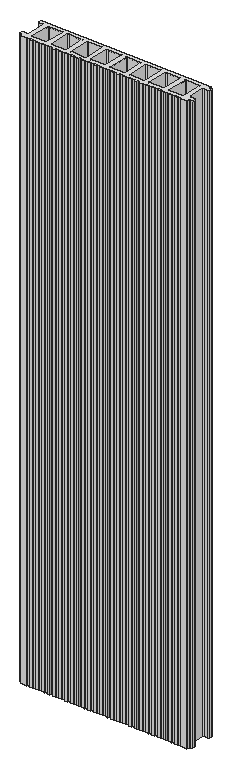
Revit family "ECP_MNTW-10260B1", category Generic Models, Revit 2022
Family settings
  Can host rebar = No
  Round Connector Dimension = Use Diameter
  Part Type = Normal
  Work Plane-Based = No
  Always vertical = Yes
  Cut with Voids When Loaded = Yes
  Maintain Annotation Orientation = No
  Shared = No
  Room Calculation Point = No
Parameters (values of type "ECP_MNTW-10260B1")
  長さ [instance] = 2000 mm
  穴表示 = yes
  材質 = 40Msr_ECP
  Default Elevation = 0 mm
  既存長さ = 605 mm
  幅 [instance] = 595 mm
  固定寸法 = 595 mm
  厚さ = 102 mm
  メースカット非表示 = yes
  メースカット [instance] = 既存長さ - 幅 - 10 mm  # 0 mm
  オースカット非表示 = no
  オースカット = 0 mm
Reference planes
  plane 1 "中心(正面/背面)": y = 0
  plane 2: z = 0
  plane 3 "中心(左/右)": x = 0
  plane 4: y = -51
  plane 5: y = 51
  plane 6: z = 2000
  plane 7: x = 595
Forms (mm)
  Extrusion 1, solid, material "40Msr_ECP" <- "材質", detail levels fine
    sketch origin (20, 0, 0) x (1, 0, 0) y (0, 1, 0)
      loop
        arc (575.001, 40) -> (574.122, 42.121) -> (572.001, 43) r 3
        line (572.001, 43) -> (566.5, 43)
        arc (566.5, 43) -> (565.439, 43.439) -> (565, 44.5) r 1.5
        line (565, 44.5) -> (565, 50) -> (564, 51) -> (-17, 51)
        arc (-17, 51) -> (-19.121, 50.121) -> (-20, 48) r 3
        line (-20, 48) -> (-20, 39)
        arc (-20, 39) -> (-19.121, 36.879) -> (-17, 36) r 3
        line (-17, 36) -> (-3, 36)
        arc (-3, 36) -> (-0.879, 35.121) -> (0, 33) r 3
        line (0, 33) -> (0, -26)
        arc (0, -26) -> (-0.879, -28.121) -> (-3, -29) r 3
        line (-3, -29) -> (-17, -29)
        arc (-17, -29) -> (-19.121, -29.879) -> (-20, -32) r 3
        line (-20, -32) -> (-20, -40)
        arc (-20, -40) -> (-19.121, -42.121) -> (-17, -43) r 3
        line (-17, -43) -> (-11.5, -43)
        arc (-11.5, -43) -> (-10.439, -43.439) -> (-10, -44.5) r 1.5
        line (-10, -44.5) -> (-10, -50) -> (-9, -51) -> (12.4, -51) -> (11.4, -49) -> (23.6, -49) -> (22.4, -51) -> (32.4, -51) -> (31.2, -49) -> (43.6, -49) -> (42.4, -51) -> (52.4, -51) -> (51.2, -49) -> (63.6, -49) -> (62.4, -51) -> (72.4, -51) -> (71.2, -49) -> (83.6, -49) -> (82.4, -51) -> (92.4, -51) -> (91.2, -49) -> (103.6, -49) -> (102.4, -51) -> (112.4, -51) -> (111.4, -49) -> (123.6, -49) -> (122.4, -51) -> (132.4, -51) -> (131.2, -49) -> (143.6, -49) -> (142.4, -51) -> (152.4, -51) -> (151.2, -49) -> (163.6, -49) -> (162.4, -51) -> (172.4, -51) -> (171.2, -49) -> (183.6, -49) -> (182.4, -51) -> (192.4, -51) -> (191.2, -49) -> (203.6, -49) -> (202.4, -51) -> (212.4, -51) -> (211.4, -49) -> (223.6, -49) -> (222.4, -51) -> (232.4, -51) -> (231.289, -49) -> (243.6, -49) -> (242.4, -51) -> (252.4, -51) -> (251.4, -49) -> (263.6, -49) -> (262.4, -51) -> (272.4, -51) -> (271.2, -49) -> (283.6, -49) -> (282.4, -51) -> (292.4, -51) -> (291.289, -49) -> (303.8, -49) -> (302.4, -51) -> (312.4, -51) -> (311.4, -49) -> (323.6, -49) -> (322.4, -51) -> (332.4, -51) -> (331.2, -49) -> (343.6, -49) -> (342.4, -51) -> (352.4, -51) -> (351.2, -49) -> (363.6, -49) -> (362.4, -51) -> (372.4, -51) -> (371.2, -49) -> (383.6, -49) -> (382.4, -51) -> (392.4, -51) -> (391.4, -49) -> (403.491, -49) -> (402.4, -51) -> (412.4, -51) -> (411.2, -49) -> (423.6, -49) -> (422.4, -51) -> (432.4, -51) -> (431.4, -49) -> (443.6, -49) -> (442.4, -51) -> (452.4, -51) -> (451.2, -49) -> (463.6, -49) -> (462.4, -51) -> (472.4, -51) -> (471.2, -49) -> (483.6, -49) -> (482.4, -51) -> (492.4, -51) -> (491.2, -49) -> (503.6, -49) -> (502.4, -51) -> (512.4, -51) -> (511.2, -49) -> (523.6, -49) -> (522.4, -51) -> (532.4, -51) -> (531.4, -49) -> (543.4, -49) -> (542.4, -51) -> (564, -51) -> (565, -50) -> (565, -44.5)
        arc (565, -44.5) -> (565.439, -43.439) -> (566.5, -43) r 1.5
        line (566.5, -43) -> (572, -43)
        arc (572, -43) -> (574.121, -42.121) -> (575, -40) r 3
        line (575, -40) -> (575, -30.567)
        arc (575, -30.567) -> (574.121, -28.446) -> (572, -27.567) r 3
        line (572, -27.567) -> (558.001, -27.567)
        arc (558.001, -27.567) -> (555.879, -26.688) -> (555.001, -24.567) r 3
        line (555.001, -24.567) -> (555.001, 26)
        arc (555.001, 26) -> (555.879, 28.121) -> (558.001, 29) r 3
        line (558.001, 29) -> (572.001, 29)
        arc (572.001, 29) -> (574.122, 29.879) -> (575.001, 32) r 3
        line (575.001, 32) -> (575.001, 40)
    from 0 to 2000
  Extrusion 2, void
    sketch origin (-50, 0, 0) x (1, 0, 0) y (0, 1, 0)
      loop
        line (655, -51) -> (655, 51) -> (645, 51) -> (645, -51) -> (655, -51)
    from 0 to 2000
  Extrusion 3, void
    sketch origin (-597, 0, 0) x (1, 0, 0) y (0, 1, 0)
      loop
        line (635, -36) -> (681.5, -36)
        arc (681.5, -36) -> (683.622, -35.121) -> (684.5, -33) r 3
        line (684.5, -33) -> (684.5, 33)
        arc (684.5, 33) -> (683.622, 35.121) -> (681.5, 36) r 3
        line (681.5, 36) -> (635, 36)
        arc (635, 36) -> (632.879, 35.121) -> (632, 33) r 3
        line (632, 33) -> (632, -33)
        arc (632, -33) -> (632.879, -35.121) -> (635, -36) r 3
      loop
        line (702.5, -36) -> (749, -36)
        arc (749, -36) -> (751.122, -35.121) -> (752, -33) r 3
        line (752, -33) -> (752, 33)
        arc (752, 33) -> (751.122, 35.121) -> (749, 36) r 3
        line (749, 36) -> (702.5, 36)
        arc (702.5, 36) -> (700.379, 35.121) -> (699.5, 33) r 3
        line (699.5, 33) -> (699.5, -33)
        arc (699.5, -33) -> (700.379, -35.121) -> (702.5, -36) r 3
      loop
        line (770, -36) -> (816.5, -36)
        arc (816.5, -36) -> (818.622, -35.121) -> (819.5, -33) r 3
        line (819.5, -33) -> (819.5, 33)
        arc (819.5, 33) -> (818.622, 35.121) -> (816.5, 36) r 3
        line (816.5, 36) -> (770, 36)
        arc (770, 36) -> (767.879, 35.121) -> (767, 33) r 3
        line (767, 33) -> (767, -33)
        arc (767, -33) -> (767.879, -35.121) -> (770, -36) r 3
      loop
        line (837.5, -36) -> (884, -36)
        arc (884, -36) -> (886.122, -35.121) -> (887, -33) r 3
        line (887, -33) -> (887, 33)
        arc (887, 33) -> (886.122, 35.121) -> (884, 36) r 3
        line (884, 36) -> (837.5, 36)
        arc (837.5, 36) -> (835.379, 35.121) -> (834.5, 33) r 3
        line (834.5, 33) -> (834.5, -33)
        arc (834.5, -33) -> (835.379, -35.121) -> (837.5, -36) r 3
      loop
        line (905, -36) -> (951.5, -36)
        arc (951.5, -36) -> (953.622, -35.121) -> (954.5, -33) r 3
        line (954.5, -33) -> (954.5, 33)
        arc (954.5, 33) -> (953.622, 35.121) -> (951.5, 36) r 3
        line (951.5, 36) -> (905, 36)
        arc (905, 36) -> (902.879, 35.121) -> (902, 33) r 3
        line (902, 33) -> (902, -33)
        arc (902, -33) -> (902.879, -35.121) -> (905, -36) r 3
      loop
        arc (972.5, 36) -> (970.379, 35.121) -> (969.5, 33) r 3
        line (969.5, 33) -> (969.5, -33)
        arc (969.5, -33) -> (970.379, -35.121) -> (972.5, -36) r 3
        line (972.5, -36) -> (1019, -36)
        arc (1019, -36) -> (1021.122, -35.121) -> (1022, -33) r 3
        line (1022, -33) -> (1022, 33)
        arc (1022, 33) -> (1021.122, 35.121) -> (1019, 36) r 3
        line (1019, 36) -> (972.5, 36)
      loop
        arc (1040, 36) -> (1037.879, 35.121) -> (1037, 33) r 3
        line (1037, 33) -> (1037, -33)
        arc (1037, -33) -> (1037.879, -35.121) -> (1040, -36) r 3
        line (1040, -36) -> (1086.5, -36)
        arc (1086.5, -36) -> (1088.622, -35.121) -> (1089.5, -33) r 3
        line (1089.5, -33) -> (1089.5, 33)
        arc (1089.5, 33) -> (1088.622, 35.121) -> (1086.5, 36) r 3
        line (1086.5, 36) -> (1040, 36)
      loop
        arc (1107.5, 36) -> (1105.379, 35.121) -> (1104.5, 33) r 3
        line (1104.5, 33) -> (1104.5, -33)
        arc (1104.5, -33) -> (1105.379, -35.121) -> (1107.5, -36) r 3
        line (1107.5, -36) -> (1154, -36)
        arc (1154, -36) -> (1156.121, -35.121) -> (1157, -33) r 3
        line (1157, -33) -> (1157, 33)
        arc (1157, 33) -> (1156.121, 35.121) -> (1154, 36) r 3
        line (1154, 36) -> (1107.5, 36)
    from 0 to 2000
Cuts and joins
  Extrusion 2, Extrusion 3 cuts Extrusion 1
Lines and regions (mm)
  symbolic lines, style "ECPパネル", detail levels coarse+medium
    curve 1: line (0, 51, 0) -> (595, 51, 0)
    curve 2: line (0, -51, 0) -> (0, 51, 0)
    curve 3: line (595, -51, 0) -> (0, -51, 0)
    curve 4: line (595, 51, 0) -> (595, -51, 0)
    curve 5: line (0, 0, 0) -> (310, 0, 0)
    curve 6: line (0, 0, 2000) -> (0, 0, 0)
    curve 7: line (310, 0, 2000) -> (0, 0, 2000)
    curve 8: line (310, 0, 0) -> (310, 0, 2000)
    curve 9: line (0, -51, 2000) -> (0, 51, 2000)
    curve 10: line (0, -51, 0) -> (0, -51, 2000)
    curve 11: line (0, 51, 0) -> (0, -51, 0)
    curve 12: line (0, 51, 2000) -> (0, 51, 0)
  model lines, detail levels coarse+medium
    curve 13: line (0, 8, 0) -> (0, -8, 0)
Dimensions and locks
  "厚さ": plane 4 to plane 5
  "長さ": plane 6 to level
  equal spacing: plane 4, plane 1 "中心(正面/背面)", plane 5
  "長さ": cut or joined group of Extrusion 1, Extrusion 2, Extrusion 3 to level
  "長さ": Extrusion 2 to level
  "長さ": level to Extrusion 3
  "固定寸法": plane 3 "中心(左/右)" to cut or joined group of Extrusion 1, Extrusion 2, Extrusion 3
  "既存長さ": plane 3 "中心(左/右)" to Extrusion 2
  "幅": plane 3 "中心(左/右)" to plane 7
  "メースカット": Extrusion 2 sketch curve to cut or joined group of Extrusion 1, Extrusion 2, Extrusion 3
  aligned and locked: level to plane 2
Automatic sketch dimensions
  curve 11 to level = 0 mm
  curve 11 to plane 4 = 0 mm
  curve 11 to plane 5 = 0 mm
  curve 10 to plane 6 = 0 mm
  curve 7 to plane 3 "中心(左/右)" = 0 mm
  curve 5 to level = 0 mm
  curve 7 to plane 6 = 0 mm
  plane 3 "中心(左/右)" to Extrusion 3 sketch curve = 35 mm
  Extrusion 3 sketch curve to Extrusion 3 sketch curve = 3 mm  (x25)
  plane 5 to Extrusion 3 sketch curve = 15 mm  (x6)
  Extrusion 3 sketch curve to Extrusion 3 sketch curve = 46.5 mm  (x8)
  Extrusion 3 sketch curve to Extrusion 3 sketch curve = 0 mm  (x8)
  Extrusion 3 sketch curve to Extrusion 3 sketch curve = 15 mm  (x7)
  Extrusion 3 sketch curve to plane 4 = 15 mm  (x8)
  Extrusion 3 sketch curve to Extrusion 3 sketch curve = 66 mm
  plane 4 to Extrusion 1 sketch curve = 0 mm  (x28)
  plane 3 "中心(左/右)" to Extrusion 1 sketch curve = 0 mm  (x2)
  Extrusion 1 sketch curve to Extrusion 1 sketch curve = 3 mm  (x9)
  plane 5 to Extrusion 1 sketch curve = 3 mm
  Extrusion 1 sketch curve to Extrusion 1 sketch curve = 5.5 mm  (x4)
  Extrusion 1 sketch curve to plane 4 = 1 mm  (x2)
  Extrusion 1 sketch curve to Extrusion 1 sketch curve = 1.5 mm  (x3)
  Extrusion 1 sketch curve to Extrusion 1 sketch curve = 1 mm  (x12)
  Extrusion 1 sketch curve to Extrusion 1 sketch curve = 14 mm
  Extrusion 1 sketch curve to plane 4 = 2 mm  (x27)
  Extrusion 1 sketch curve to Extrusion 1 sketch curve = 20.4 mm
  Extrusion 1 sketch curve to Extrusion 1 sketch curve = 10 mm  (x27)
  Extrusion 1 sketch curve to Extrusion 1 sketch curve = 1.2 mm  (x41)
  Extrusion 1 sketch curve to Extrusion 1 sketch curve = 7.6 mm  (x17)
  Extrusion 1 sketch curve to Extrusion 1 sketch curve = 7.8 mm  (x6)
  Extrusion 1 sketch curve to Extrusion 1 sketch curve = 7.689 mm  (x2)
  Extrusion 1 sketch curve to Extrusion 1 sketch curve = 1.111 mm  (x2)
  Extrusion 1 sketch curve to Extrusion 1 sketch curve = 1.4 mm
  Extrusion 1 sketch curve to Extrusion 1 sketch curve = 1.091 mm
  Extrusion 1 sketch curve to Extrusion 1 sketch curve = 7.709 mm
  plane 5 to Extrusion 1 sketch curve = 25 mm
  Extrusion 1 sketch curve to Extrusion 1 sketch curve = 11.601 mm
  Extrusion 1 sketch curve to Extrusion 1 sketch curve = 20.6 mm
  Extrusion 1 sketch curve to Extrusion 1 sketch curve = 5.999 mm
  Extrusion 1 sketch curve to Extrusion 1 sketch curve = 0 mm  (x3)
  Extrusion 1 sketch curve to Extrusion 1 sketch curve = 5.501 mm
  Extrusion 1 sketch curve to Extrusion 1 sketch curve = 9.433 mm
  Extrusion 1 sketch curve to Extrusion 1 sketch curve = 8 mm  (x2)
  plane 5 to Extrusion 1 sketch curve = 1 mm
  Extrusion 1 sketch curve to Extrusion 1 sketch curve = 9 mm
  plane 5 to Extrusion 1 sketch curve = 0 mm
  plane 3 "中心(左/右)" to curve 7 = 310 mm
  plane 4 to Extrusion 2 sketch curve = 0 mm
  plane 5 to Extrusion 2 sketch curve = 0 mm
  Extrusion 2 sketch curve to Extrusion 2 sketch curve = 10 mm
  curve 1 to plane 3 "中心(左/右)" = 0 mm
  curve 13 to plane 3 "中心(左/右)" = 0 mm
  plane 4 to curve 4 = 0 mm
  curve 4 to plane 7 = 0 mm
  plane 5 to curve 1 = 0 mm
  plane 1 "中心(正面/背面)" to curve 13 = 8 mm
  curve 13 to plane 1 "中心(正面/背面)" = 8 mm
